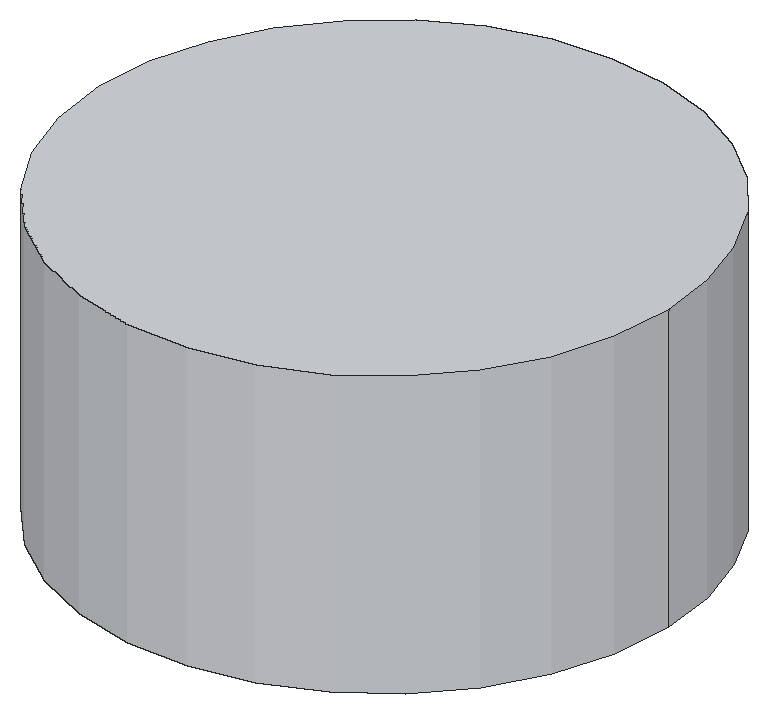
Revit family "10770800", category Specialty Equipment, Revit 2023
Family settings
  Round Connector Dimension = Use Diameter
  Part Type = Normal
  OmniClass Number = 23.40.40.00
  OmniClass Title = Food Service Equipment and Furnishings
  Work Plane-Based = No
  Enable Cutting in Views = Yes
  Always vertical = Yes
  Cut with Voids When Loaded = No
  Maintain Annotation Orientation = No
  Shared = No
  Room Calculation Point = No
Parameters (values of type "Standard")
  Volume = 0.17306 m³
  URL = "www.rustfriebergh.no"
  Revision Number = "-"
  Requested Accuracy = "Low"
  Part Number = "10770800"
  Model = "10770800"
  Mass = 290.532 kg
  Manufacturer = "Rustfriebergh AS"
  LastSavedTimestamp = "04.05.2023"
  LastSavedByUser = "bjornt"
  Designer = "GeirG"
  Design State = 1
  Description = "Vinskap 800 x 550 x 2130"
  Density = 1678.79 kg/m³
  Default Elevation = 0 mm
  Creation Date = "23.11.2022"
  Center of Gravity = "X: 2,519 mm Y: -12,762 mm Z: 1013,211 mm"
  Author = "GeirG"
  Area = 47.2115 m²
  3D-Driven = yes
Reference planes
  plane 1 "Center (Front/Back)": y = 0
  plane 2: z = 0
  plane 3 "Center (Left/Right)": x = 0
Forms (mm)
  Extrusion 1, solid
    sketch origin (175, 200, 108) x (1, 0, 0) y (0, 1, 0)
      loop
        circle (0, 0) r 3.048
    from 0 to -3.048
Dimensions and locks
  aligned and locked: level to plane 2
Connectors
  electrical at (175, 200, 108)
    settings: on Extrusion 1, index 1, voltage 230 V, apparent load 780 VA, apparent load phase1 0 VA, apparent load phase2 0 VA, apparent load phase3 0 VA, power factor 0, load classification "50 HZ", number of poles 1, system type 30, power factor state 1, is connector primary yes, connector utility no, sub classification motor no, connector description "Strømart"
